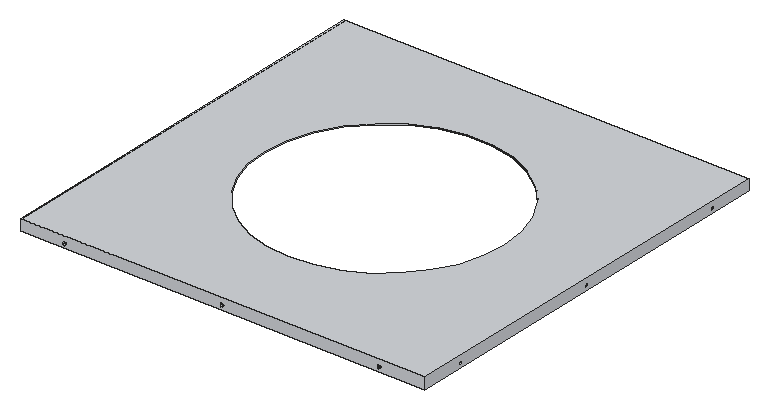
Revit family
Parameters (values of type "DW2616TPDBEX")
  TRANSTHICK/2 = TRANSTHICK / 2  # 3/8"
  TRANSTHICK = 3/4"  # constant formula
  THICK = 15/256"  # constant formula
  SQOD = 27"
  Model = "DW2616TPDBEX"
  Manufacturer = "CaptiveAire"
  HOLESPACING = (SQOD - 6") / 2  # 10 1/2"
  HOLESFROMBOTTOM = 75/256"  # constant formula
  HOLERAD = 17/128"  # constant formula
  Description = "26.5\" Curb 16\" Duct Transition Plate"
  DUCTRAD = (DUCTDIA / 2)  # 8"
  DUCTDIA = 16"
  CUTTHICK = TRANSTHICK - THICK  # 177/256"
Types (6): name | SQOD | Model | HOLESPACING | Description | DUCTRAD | DUCTDIA
  (no name) | 27" | "DW2616TPDBEX" | 10 1/2" | "26.5\" Curb 16\" Duct Transition Plate" | 8" | 16"
  DW2316TPDBEX | 23 1/2" | "DW2316TPDBEX" | 8 3/4" | "23.5\" Curb 16\" Duct Transition Plate" | 8" | 16"
  DW2616TPDBEX | 27" | "DW2616TPDBEX" | 10 1/2" | "26.5\" Curb 16\" Duct Transition Plate" | 8" | 16"
  DW2014TPDBEX | 21" | "DW2014TPDBEX" | 7 1/2" | "20\" Curb 16\" Duct Transition Plate" | 7" | 14"
  DW20516TPDBEX | 21 1/2" | "DW20516TPDBEX" | 7 3/4" | "20.5\" Curb 16\" Duct Transition Plate" | 8" | 16"
  DW23514TPDBEX | 24 1/2" | "DW23514TPDBEX" | 9 1/4" | "23.5\" Curb 14\" Duct Transition Plate" | 7" | 14"
Reference planes (in)
  plane 1 "Center (Front/Back)": y = 35.11255
  plane 2: z = 0
  plane 3: x = 32.27024
  plane 4: x = 45.77024
  plane 5: y = 21.61255
  plane 6: x = 18.77024
  plane 7: y = 48.61255
  plane 8: z = 0.75
  plane 9: z = 0.29297
Forms (in)
  Extrusion 1, solid
    sketch origin (0, 0, 0) x (1, 0, 0) y (0, 1, 0)
      loop
        line (18.77024, 21.61255) -> (45.77024, 21.61255) -> (45.77024, 48.61255) -> (18.77024, 48.61255) -> (18.77024, 21.61255)
      loop
        circle (32.27024, 35.11255) r 8
    from 0 to 0.75 <- "TRANSTHICK"
  Extrusion 2, void
    sketch origin (18.77024, 21.61255, 0) x (-1, 0, 0) y (0, 0, 1)
      loop
        circle (-13.5, 0.29297) r 0.13281
      loop
        circle (-3, 0.29297) r 0.13281
      loop
        circle (-24, 0.29297) r 0.13281
    from 0 to 27 <- "SQOD"
  Extrusion 3, void
    sketch origin (0, 0, 0) x (1, 0, 0) y (0, 1, 0)
      loop
        line (18.82883, 21.67115) -> (45.71164, 21.67115) -> (45.71164, 48.55396) -> (18.82883, 48.55396) -> (18.82883, 21.67115)
    from 0 to 0.69141 <- "CUTTHICK"
  Extrusion 4, void
    sketch origin (18.77024, 48.61255, 0) x (0, 1, 0) y (0, 0, 1)
      loop
        circle (-13.5, 0.29297) r 0.13281
      loop
        circle (-3, 0.29297) r 0.13281
      loop
        circle (-24, 0.29297) r 0.13281
    from 0 to 27 <- "SQOD"
Cuts and joins
  Extrusion 2, Extrusion 3, Extrusion 4 cuts Extrusion 1
Dimensions and locks (in)
  equal spacing: plane 5, plane 1 "Center (Front/Back)", plane 7
  equal spacing: plane 6, plane 3, plane 4
  "SQOD": plane 6 to plane 4
  "SQOD": plane 5 to plane 7
  "TRANSTHICK": plane 8 to level
  "HOLESFROMBOTTOM": plane 9 to level
  "HOLESPACING": Extrusion 2 sketch curve to plane 3
  "HOLESPACING": plane 3 to Extrusion 2 sketch curve
  "THICK": cut or joined group of Extrusion 1, Extrusion 2, Extrusion 3, Extrusion 4 to Extrusion 3 sketch curve  (x3)
  "THICK": Extrusion 3 sketch curve to cut or joined group of Extrusion 1, Extrusion 2, Extrusion 3, Extrusion 4
  "HOLESPACING": Extrusion 4 sketch curve to plane 1 "Center (Front/Back)"
  "HOLESPACING": plane 1 "Center (Front/Back)" to Extrusion 4 sketch curve
  plane 1 "Center (Front/Back)" to Extrusion 4 sketch curve = 0"
  Extrusion 2 sketch curve to plane 3 = 0"
  "DUCTRAD": radius of Extrusion 1 sketch curve
  "HOLERAD": radius of Extrusion 2 sketch curve  (x3)
  "HOLERAD": radius of Extrusion 4 sketch curve  (x3)
  aligned and locked: Extrusion 1 sketch curve to plane 7
  aligned and locked: plane 5 to Extrusion 1 sketch curve
  aligned and locked: Extrusion 1 sketch curve to plane 6
  aligned and locked: plane 4 to Extrusion 1 sketch curve
  aligned and locked: plane 8 to Extrusion 1
Automatic sketch dimensions
  plane 1 "Center (Front/Back)" to Extrusion 1 sketch curve = 0"
  Extrusion 1 sketch curve to plane 3 = 0"
  Extrusion 2 sketch curve to Extrusion 1 = 75/256"  (x3)
  Extrusion 4 sketch curve to Extrusion 1 = 75/256"  (x3)
